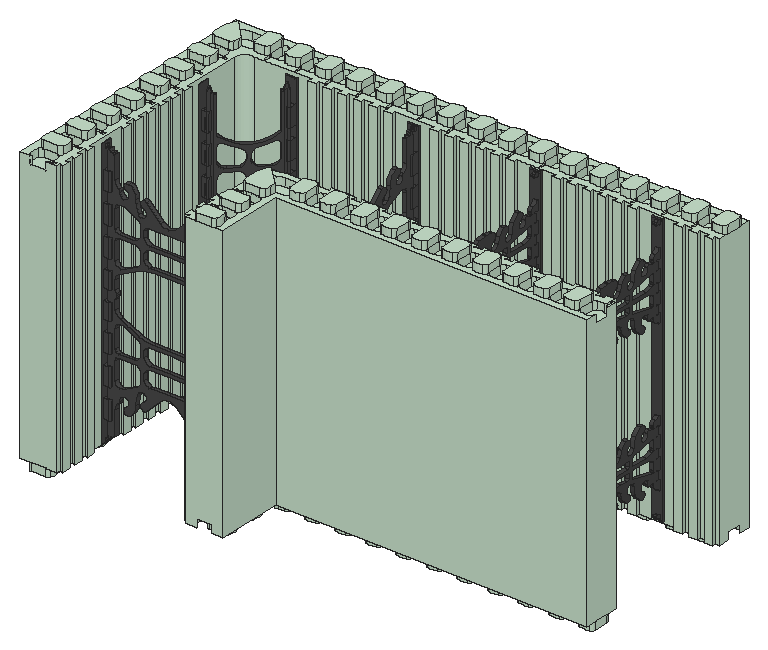
Revit family (continued)
Definition of nested family "NUDURA Diamond Pattern Missing Left Line"
  Lines and regions (in)
    model lines
      curve 160: arc (4.17062, -5.625, 2.80178) -> (3.99384, -5.625, 2.875) -> (3.81706, -5.625, 2.80178) r 0.25
      curve 161: line (3.81706, -5.625, 2.80178) -> (3.44206, -5.625, 2.42678)
      curve 162: arc (3.44206, -5.625, 2.42678) -> (3.36884, -5.625, 2.25) -> (3.44206, -5.625, 2.07322) r 0.25
      curve 163: line (3.44206, -5.625, 2.07322) -> (3.81706, -5.625, 1.69822)
      curve 164: arc (3.81706, -5.625, 1.69822) -> (3.99384, -5.625, 1.625) -> (4.17062, -5.625, 1.69822) r 0.25
      curve 165: line (4.17062, -5.625, 1.69822) -> (4.54562, -5.625, 2.07322)
      curve 166: arc (4.54562, -5.625, 2.07322) -> (4.61884, -5.625, 2.25) -> (4.54562, -5.625, 2.42678) r 0.25
      curve 167: line (4.54562, -5.625, 2.42678) -> (4.17062, -5.625, 2.80178)
      curve 168: arc (3.69709, -5.625, 1.35858) -> (3.75567, -5.625, 1.5) -> (3.69709, -5.625, 1.64142) r 0.2
      curve 169: line (3.69709, -5.625, 1.35858) -> (3.35367, -5.625, 1.01517)
      curve 170: arc (3.35367, -5.625, 1.01517) -> (3.24384, -5.625, 0.75) -> (3.35367, -5.625, 0.48484) r 0.375
      curve 171: line (3.35367, -5.625, 0.48484) -> (3.72867, -5.625, 0.10984)
      curve 172: arc (3.72867, -5.625, 0.10984) -> (3.99384, -5.625, 0) -> (4.259, -5.625, 0.10984) r 0.375
      curve 173: line (4.259, -5.625, 0.10984) -> (4.634, -5.625, 0.48484)
      curve 174: arc (4.634, -5.625, 0.48484) -> (4.74384, -5.625, 0.75) -> (4.634, -5.625, 1.01517) r 0.375
      curve 175: line (4.634, -5.625, 1.01517) -> (4.29059, -5.625, 1.35858)
      curve 176: arc (4.29059, -5.625, 1.64142) -> (4.23201, -5.625, 1.5) -> (4.29059, -5.625, 1.35858) r 0.2
      curve 177: arc (4.17062, -5.625, 1.30178) -> (3.99384, -5.625, 1.375) -> (3.81706, -5.625, 1.30178) r 0.25
      curve 178: line (4.54562, -5.625, 0.92678) -> (4.17062, -5.625, 1.30178)
      curve 179: arc (4.54562, -5.625, 0.57322) -> (4.61884, -5.625, 0.75) -> (4.54562, -5.625, 0.92678) r 0.25
      curve 180: line (4.17062, -5.625, 0.19822) -> (4.54562, -5.625, 0.57322)
      curve 181: arc (3.81706, -5.625, 0.19822) -> (3.99384, -5.625, 0.125) -> (4.17062, -5.625, 0.19822) r 0.25
      curve 182: line (3.44206, -5.625, 0.57322) -> (3.81706, -5.625, 0.19822)
      curve 183: arc (3.44206, -5.625, 0.92678) -> (3.36884, -5.625, 0.75) -> (3.44206, -5.625, 0.57322) r 0.25
      curve 184: line (3.81706, -5.625, 1.30178) -> (3.44206, -5.625, 0.92678)
      curve 185: arc (4.29059, -5.625, 3.14142) -> (4.23201, -5.625, 3) -> (4.29059, -5.625, 2.85858) r 0.2
      curve 186: arc (4.29059, -5.625, 4.64142) -> (4.23201, -5.625, 4.5) -> (4.29059, -5.625, 4.35858) r 0.2
      curve 187: arc (4.29059, -5.625, 6.14142) -> (4.23201, -5.625, 6) -> (4.29059, -5.625, 5.85858) r 0.2
      curve 188: arc (4.29059, -5.625, 7.64142) -> (4.23201, -5.625, 7.5) -> (4.29059, -5.625, 7.35858) r 0.2
      curve 189: arc (4.29059, -5.625, 9.14142) -> (4.23201, -5.625, 9) -> (4.29059, -5.625, 8.85858) r 0.2
      curve 190: arc (4.29059, -5.625, 10.64142) -> (4.23201, -5.625, 10.5) -> (4.29059, -5.625, 10.35858) r 0.2
      curve 191: arc (4.29059, -5.625, 12.14142) -> (4.23201, -5.625, 12) -> (4.29059, -5.625, 11.85858) r 0.2
      curve 192: arc (4.29059, -5.625, 13.64142) -> (4.23201, -5.625, 13.5) -> (4.29059, -5.625, 13.35858) r 0.2
      curve 193: arc (4.29059, -5.625, 15.14142) -> (4.23201, -5.625, 15) -> (4.29059, -5.625, 14.85858) r 0.2
      curve 194: arc (4.29059, -5.625, 16.64142) -> (4.23201, -5.625, 16.5) -> (4.29059, -5.625, 16.35858) r 0.2
Definition of nested family "NUDURA Logo Diamond"
  Reference planes (in)
    plane 1 "Center (Front/Back)": y = 0
    plane 2: z = 0
    plane 3 "Center (Left/Right)": x = 0
  Lines and regions (in)
    model lines
      curve 1: line (12.59848, 0, 17.50104) -> (12.24492, 0, 17.85459)
      curve 2: line (12.36113, 0, 16.76872) -> (12.59848, 0, 17.00607)
      curve 3: line (12.59848, 0, 16.00104) -> (12.36113, 0, 16.23839)
      curve 4: line (12.36113, 0, 15.26872) -> (12.59848, 0, 15.50607)
      curve 5: line (12.59848, 0, 14.50104) -> (12.36113, 0, 14.73839)
      curve 6: line (12.36113, 0, 13.76872) -> (12.59848, 0, 14.00607)
      curve 7: line (12.17421, 0, 13.28388) -> (12.71208, 0, 12.74602)
      curve 8: line (12.71208, 0, 12.74602) -> (12.78279, 0, 12.81673)
      curve 9: line (11.28279, 0, 12.74602) -> (11.82066, 0, 13.28388)
      curve 10: line (11.63374, 0, 13.23839) -> (11.21208, 0, 12.81673)
      curve 11: line (11.3964, 0, 14.00607) -> (11.63374, 0, 13.76872)
      curve 12: line (11.63374, 0, 14.73839) -> (11.3964, 0, 14.50104)
      curve 13: line (11.3964, 0, 15.50607) -> (11.63374, 0, 15.26872)
      curve 14: line (11.63374, 0, 16.23839) -> (11.3964, 0, 16.00104)
      curve 15: line (11.3964, 0, 17.00607) -> (11.63374, 0, 16.76872)
      curve 16: line (11.74995, 0, 17.85459) -> (11.3964, 0, 17.50104)
      curve 17: line (11.82066, 0, 17.78388) -> (11.46711, 0, 17.43033)
      curve 18: line (12.52777, 0, 17.43033) -> (12.17421, 0, 17.78388)
      curve 19: line (12.17421, 0, 16.72322) -> (12.52777, 0, 17.07678)
      curve 20: line (11.46711, 0, 17.07678) -> (11.82066, 0, 16.72322)
      curve 21: arc (11.3964, 0, 17.50104) -> (11.29388, 0, 17.25355) -> (11.3964, 0, 17.00607) r 0.35
      curve 22: arc (11.74995, 0, 17.85459) -> (11.99744, 0, 17.95711) -> (12.24492, 0, 17.85459) r 0.35
      curve 23: arc (11.46711, 0, 17.43033) -> (11.39388, 0, 17.25355) -> (11.46711, 0, 17.07678) r 0.25
      curve 24: arc (12.52777, 0, 17.43033) -> (12.60099, 0, 17.25355) -> (12.52777, 0, 17.07678) r 0.25
      curve 25: arc (12.17421, 0, 16.72322) -> (11.99744, 0, 16.65) -> (11.82066, 0, 16.72322) r 0.25
      curve 26: arc (11.82066, 0, 17.78388) -> (11.99744, 0, 17.85711) -> (12.17421, 0, 17.78388) r 0.25
      curve 27: arc (12.59848, 0, 17.50104) -> (12.70099, 0, 17.25355) -> (12.59848, 0, 17.00607) r 0.35
      curve 28: arc (11.63374, 0, 16.76872) -> (11.74358, 0, 16.50355) -> (11.63374, 0, 16.23839) r 0.375
      curve 29: arc (12.36113, 0, 16.76872) -> (12.2513, 0, 16.50355) -> (12.36113, 0, 16.23839) r 0.375
      curve 30: line (12.36113, 0, 15.26872) -> (12.59848, 0, 15.50607)
      curve 31: line (11.3964, 0, 15.50607) -> (11.63374, 0, 15.26872)
      curve 32: line (11.82066, 0, 16.28388) -> (11.46711, 0, 15.93033)
      curve 33: line (12.52777, 0, 15.93033) -> (12.17421, 0, 16.28388)
      curve 34: line (12.17421, 0, 15.22322) -> (12.52777, 0, 15.57678)
      curve 35: line (11.46711, 0, 15.57678) -> (11.82066, 0, 15.22322)
      curve 36: arc (11.3964, 0, 16.00104) -> (11.29388, 0, 15.75355) -> (11.3964, 0, 15.50607) r 0.35
      curve 37: arc (11.46711, 0, 15.93033) -> (11.39388, 0, 15.75355) -> (11.46711, 0, 15.57678) r 0.25
      curve 38: arc (12.52777, 0, 15.93033) -> (12.60099, 0, 15.75355) -> (12.52777, 0, 15.57678) r 0.25
      curve 39: arc (12.17421, 0, 15.22322) -> (11.99744, 0, 15.15) -> (11.82066, 0, 15.22322) r 0.25
      curve 40: arc (11.82066, 0, 16.28388) -> (11.99744, 0, 16.35711) -> (12.17421, 0, 16.28388) r 0.25
      curve 41: arc (12.59848, 0, 16.00104) -> (12.70099, 0, 15.75355) -> (12.59848, 0, 15.50607) r 0.35
      curve 42: line (11.63374, 0, 16.23839) -> (11.3964, 0, 16.00104)
      curve 43: line (12.59848, 0, 16.00104) -> (12.36113, 0, 16.23839)
      curve 44: arc (11.63374, 0, 15.26872) -> (11.74358, 0, 15.00355) -> (11.63374, 0, 14.73839) r 0.375
      curve 45: arc (12.36113, 0, 15.26872) -> (12.2513, 0, 15.00355) -> (12.36113, 0, 14.73839) r 0.375
      curve 46: line (12.36113, 0, 13.76872) -> (12.59848, 0, 14.00607)
      curve 47: line (11.3964, 0, 14.00607) -> (11.63374, 0, 13.76872)
      curve 48: line (11.82066, 0, 14.78388) -> (11.46711, 0, 14.43033)
      curve 49: line (12.52777, 0, 14.43033) -> (12.17421, 0, 14.78388)
      curve 50: line (12.17421, 0, 13.72322) -> (12.52777, 0, 14.07678)
      curve 51: line (11.46711, 0, 14.07678) -> (11.82066, 0, 13.72322)
      curve 52: arc (11.3964, 0, 14.50104) -> (11.29388, 0, 14.25355) -> (11.3964, 0, 14.00607) r 0.35
      curve 53: arc (11.46711, 0, 14.43033) -> (11.39388, 0, 14.25355) -> (11.46711, 0, 14.07678) r 0.25
      curve 54: arc (12.52777, 0, 14.43033) -> (12.60099, 0, 14.25355) -> (12.52777, 0, 14.07678) r 0.25
      curve 55: arc (12.17421, 0, 13.72322) -> (11.99744, 0, 13.65) -> (11.82066, 0, 13.72322) r 0.25
      curve 56: arc (11.82066, 0, 14.78388) -> (11.99744, 0, 14.85711) -> (12.17421, 0, 14.78388) r 0.25
      curve 57: arc (12.59848, 0, 14.50104) -> (12.70099, 0, 14.25355) -> (12.59848, 0, 14.00607) r 0.35
      curve 58: line (11.63374, 0, 14.73839) -> (11.3964, 0, 14.50104)
      curve 59: arc (11.63374, 0, 13.76872) -> (11.74358, 0, 13.50355) -> (11.63374, 0, 13.23839) r 0.375
      curve 60: arc (12.36113, 0, 13.76872) -> (12.2513, 0, 13.50355) -> (12.36113, 0, 13.23839) r 0.375
      curve 61: line (12.78279, 0, 12.81673) -> (12.36113, 0, 13.23839)
      curve 62: line (11.21208, 0, 12.81673) -> (11.28279, 0, 12.74602)
      curve 63: arc (11.82066, 0, 13.28388) -> (11.99744, 0, 13.35711) -> (12.17421, 0, 13.28388) r 0.25
      curve 64: line (12.59848, 0, 0.50607) -> (12.24492, 0, 0.15251)
      curve 65: line (12.36113, 0, 1.23839) -> (12.59848, 0, 1.00104)
      curve 66: line (12.59848, 0, 2.00607) -> (12.36113, 0, 1.76872)
      curve 67: line (12.36113, 0, 2.73839) -> (12.59848, 0, 2.50104)
      curve 68: line (12.59848, 0, 3.50607) -> (12.36113, 0, 3.26872)
      curve 69: line (12.36113, 0, 4.23839) -> (12.59848, 0, 4.00104)
      curve 70: line (12.17421, 0, 4.72322) -> (12.71208, 0, 5.26109)
      curve 71: line (12.71208, 0, 5.26109) -> (12.78279, 0, 5.19038)
      curve 72: line (11.28279, 0, 5.26109) -> (11.82066, 0, 4.72322)
      curve 73: line (11.63374, 0, 4.76872) -> (11.21208, 0, 5.19038)
      curve 74: line (11.3964, 0, 4.00104) -> (11.63374, 0, 4.23839)
      curve 75: line (11.63374, 0, 3.26872) -> (11.3964, 0, 3.50607)
      curve 76: line (11.3964, 0, 2.50104) -> (11.63374, 0, 2.73839)
      curve 77: line (11.63374, 0, 1.76872) -> (11.3964, 0, 2.00607)
      curve 78: line (11.3964, 0, 1.00104) -> (11.63374, 0, 1.23839)
      curve 79: line (11.74995, 0, 0.15251) -> (11.3964, 0, 0.50607)
      curve 80: line (11.82066, 0, 0.22322) -> (11.46711, 0, 0.57678)
      curve 81: line (12.52777, 0, 0.57678) -> (12.17421, 0, 0.22322)
      curve 82: line (12.17421, 0, 1.28388) -> (12.52777, 0, 0.93033)
      curve 83: line (11.46711, 0, 0.93033) -> (11.82066, 0, 1.28388)
      curve 84: arc (11.3964, 0, 0.50607) -> (11.29388, 0, 0.75355) -> (11.3964, 0, 1.00104) r 0.35
      curve 85: arc (11.74995, 0, 0.15251) -> (11.99744, 0, 0.05) -> (12.24492, 0, 0.15251) r 0.35
      curve 86: arc (11.46711, 0, 0.57678) -> (11.39388, 0, 0.75355) -> (11.46711, 0, 0.93033) r 0.25
      curve 87: arc (12.52777, 0, 0.57678) -> (12.60099, 0, 0.75355) -> (12.52777, 0, 0.93033) r 0.25
      curve 88: arc (12.17421, 0, 1.28388) -> (11.99744, 0, 1.35711) -> (11.82066, 0, 1.28388) r 0.25
      curve 89: arc (11.82066, 0, 0.22322) -> (11.99744, 0, 0.15) -> (12.17421, 0, 0.22322) r 0.25
      curve 90: arc (12.59848, 0, 0.50607) -> (12.70099, 0, 0.75355) -> (12.59848, 0, 1.00104) r 0.35
      curve 91: arc (11.63374, 0, 1.23839) -> (11.74358, 0, 1.50355) -> (11.63374, 0, 1.76872) r 0.375
      curve 92: arc (12.36113, 0, 1.23839) -> (12.2513, 0, 1.50355) -> (12.36113, 0, 1.76872) r 0.375
      curve 93: line (12.36113, 0, 2.73839) -> (12.59848, 0, 2.50104)
      curve 94: line (11.3964, 0, 2.50104) -> (11.63374, 0, 2.73839)
      curve 95: line (11.82066, 0, 1.72322) -> (11.46711, 0, 2.07678)
      curve 96: line (12.52777, 0, 2.07678) -> (12.17421, 0, 1.72322)
      curve 97: line (12.17421, 0, 2.78388) -> (12.52777, 0, 2.43033)
      curve 98: line (11.46711, 0, 2.43033) -> (11.82066, 0, 2.78388)
      curve 99: arc (11.3964, 0, 2.00607) -> (11.29388, 0, 2.25355) -> (11.3964, 0, 2.50104) r 0.35
      curve 100: arc (11.46711, 0, 2.07678) -> (11.39388, 0, 2.25355) -> (11.46711, 0, 2.43033) r 0.25
      curve 101: arc (12.52777, 0, 2.07678) -> (12.60099, 0, 2.25355) -> (12.52777, 0, 2.43033) r 0.25
      curve 102: arc (12.17421, 0, 2.78388) -> (11.99744, 0, 2.85711) -> (11.82066, 0, 2.78388) r 0.25
      curve 103: arc (11.82066, 0, 1.72322) -> (11.99744, 0, 1.65) -> (12.17421, 0, 1.72322) r 0.25
      curve 104: arc (12.59848, 0, 2.00607) -> (12.70099, 0, 2.25355) -> (12.59848, 0, 2.50104) r 0.35
      curve 105: line (11.63374, 0, 1.76872) -> (11.3964, 0, 2.00607)
      curve 106: line (12.59848, 0, 2.00607) -> (12.36113, 0, 1.76872)
      curve 107: arc (11.63374, 0, 2.73839) -> (11.74358, 0, 3.00355) -> (11.63374, 0, 3.26872) r 0.375
      curve 108: arc (12.36113, 0, 2.73839) -> (12.2513, 0, 3.00355) -> (12.36113, 0, 3.26872) r 0.375
      curve 109: line (12.36113, 0, 4.23839) -> (12.59848, 0, 4.00104)
      curve 110: line (11.3964, 0, 4.00104) -> (11.63374, 0, 4.23839)
      curve 111: line (11.82066, 0, 3.22322) -> (11.46711, 0, 3.57678)
      curve 112: line (12.52777, 0, 3.57678) -> (12.17421, 0, 3.22322)
      curve 113: line (12.17421, 0, 4.28388) -> (12.52777, 0, 3.93033)
      curve 114: line (11.46711, 0, 3.93033) -> (11.82066, 0, 4.28388)
      curve 115: arc (11.3964, 0, 3.50607) -> (11.29388, 0, 3.75355) -> (11.3964, 0, 4.00104) r 0.35
      curve 116: arc (11.46711, 0, 3.57678) -> (11.39388, 0, 3.75355) -> (11.46711, 0, 3.93033) r 0.25
      curve 117: arc (12.52777, 0, 3.57678) -> (12.60099, 0, 3.75355) -> (12.52777, 0, 3.93033) r 0.25
      curve 118: arc (12.17421, 0, 4.28388) -> (11.99744, 0, 4.35711) -> (11.82066, 0, 4.28388) r 0.25
      curve 119: arc (11.82066, 0, 3.22322) -> (11.99744, 0, 3.15) -> (12.17421, 0, 3.22322) r 0.25
      curve 120: arc (12.59848, 0, 3.50607) -> (12.70099, 0, 3.75355) -> (12.59848, 0, 4.00104) r 0.35
      curve 121: line (11.63374, 0, 3.26872) -> (11.3964, 0, 3.50607)
      curve 122: arc (11.63374, 0, 4.23839) -> (11.74358, 0, 4.50355) -> (11.63374, 0, 4.76872) r 0.375
      curve 123: arc (12.36113, 0, 4.23839) -> (12.2513, 0, 4.50355) -> (12.36113, 0, 4.76872) r 0.375
      curve 124: line (12.78279, 0, 5.19038) -> (12.36113, 0, 4.76872)
      curve 125: line (11.21208, 0, 5.19038) -> (11.28279, 0, 5.26109)
      curve 126: arc (11.82066, 0, 4.72322) -> (11.99744, 0, 4.65) -> (12.17421, 0, 4.72322) r 0.25
      curve 127: line (12.37244, 0, 12.50355) -> (11.62244, 0, 12.50355)
      curve 128: line (12.74744, 0, 5.87855) -> (12.74744, 0, 12.12855)
      curve 129: line (11.24744, 0, 12.12855) -> (11.24744, 0, 5.87855)
      curve 130: line (11.62244, 0, 5.50355) -> (12.37244, 0, 5.50355)
      curve 131: line (12.47232, 0, 12.00355) -> (12.0393, 0, 12.25355)
      curve 132: line (12.47232, 0, 11.50355) -> (12.47232, 0, 12.00355)
      curve 133: line (12.25581, 0, 11.37855) -> (12.47232, 0, 11.50355)
      curve 134: line (12.02256, 0, 11.51322) -> (12.25581, 0, 11.37855)
      curve 135: line (12.22232, 0, 11.62855) -> (12.02256, 0, 11.51322)
      curve 136: line (11.80605, 0, 12.11888) -> (12.22232, 0, 11.87855)
      curve 137: line (12.22232, 0, 11.87855) -> (12.22232, 0, 11.62855)
      curve 138: line (12.0393, 0, 12.25355) -> (11.80605, 0, 12.11888)
      curve 139: line (11.77256, 0, 11.63822) -> (11.97232, 0, 11.75355)
      curve 140: line (11.97232, 0, 11.75355) -> (11.73906, 0, 11.88822)
      curve 141: line (11.73906, 0, 11.88822) -> (11.52256, 0, 11.76322)
      curve 142: line (11.52256, 0, 11.76322) -> (11.52256, 0, 11.26322)
      curve 143: line (11.77256, 0, 11.38822) -> (11.77256, 0, 11.63822)
      curve 144: line (12.18882, 0, 11.14789) -> (11.77256, 0, 11.38822)
      curve 145: line (11.95557, 0, 11.01322) -> (12.18882, 0, 11.14789)
      curve 146: line (11.52256, 0, 11.26322) -> (11.95557, 0, 11.01322)
      curve 147: line (12.31108, 0, 10.60411) -> (11.68379, 0, 10.74458)
      curve 148: line (11.68379, 0, 10.74458) -> (11.68379, 0, 10.51321)
      curve 149: line (11.68379, 0, 10.51321) -> (12.1295, 0, 10.41405)
      curve 150: line (12.1295, 0, 10.41405) -> (11.68379, 0, 10.27358)
      curve 151: line (11.68379, 0, 10.27358) -> (11.68379, 0, 9.8852)
      curve 152: line (11.68379, 0, 9.8852) -> (12.17077, 0, 9.77615)
      curve 153: line (12.17077, 0, 9.77615) -> (12.17077, 0, 9.74472)
      curve 154: line (12.17077, 0, 9.74472) -> (11.86146, 0, 9.80279)
      curve 155: line (11.68379, 0, 9.65536) -> (11.68379, 0, 9.35864)
      curve 156: line (12.07077, 0, 8.74385) -> (12.07077, 0, 8.99996)
      curve 157: line (12.07077, 0, 8.99996) -> (11.68379, 0, 9.08605)
      curve 158: line (11.68379, 0, 9.08605) -> (11.68379, 0, 8.47809)
      curve 159: line (11.91823, 0, 9.06589) -> (12.31108, 0, 8.97792)
      curve 160: line (11.82444, 0, 8.55476) -> (11.82444, 0, 8.79865)
      curve 161: line (11.82444, 0, 8.79865) -> (12.07077, 0, 8.74385)
      curve 162: line (11.68379, 0, 8.07193) -> (11.68379, 0, 7.77522)
      curve 163: line (11.91823, 0, 7.48247) -> (12.21108, 0, 7.41688)
      curve 164: line (12.21108, 0, 7.41688) -> (12.21108, 0, 6.95405)
      curve 165: line (12.16108, 0, 6.90405) -> (12.12077, 0, 6.90405)
      curve 166: line (12.07077, 0, 6.95405) -> (12.07077, 0, 7.08675)
      curve 167: line (12.07077, 0, 7.08675) -> (12.12077, 0, 7.07556)
      curve 168: line (12.12077, 0, 7.07556) -> (12.12077, 0, 7.33463)
      curve 169: line (12.12077, 0, 7.33463) -> (11.68379, 0, 7.43249)
      curve 170: line (11.68379, 0, 7.43249) -> (11.68379, 0, 7.17341)
      curve 171: line (11.68379, 0, 7.17341) -> (11.97077, 0, 7.10915)
      curve 172: line (11.97077, 0, 7.10915) -> (11.97077, 0, 6.99425)
      curve 173: line (11.92077, 0, 6.94425) -> (11.68379, 0, 6.94425)
      curve 174: line (11.68379, 0, 6.94425) -> (11.68379, 0, 6.45682)
      curve 175: line (11.68379, 0, 6.45682) -> (11.78284, 0, 6.38658)
      curve 176: line (11.78284, 0, 6.38658) -> (11.78284, 0, 6.05178)
      curve 177: line (12.12371, 0, 6.14486) -> (11.88284, 0, 6.31567)
      curve 178: line (11.88284, 0, 6.31567) -> (11.88284, 0, 6.07909)
      curve 179: line (11.88284, 0, 6.07909) -> (12.12371, 0, 6.14486)
      curve 180: line (11.78284, 0, 6.05178) -> (11.68379, 0, 6.02474)
      curve 181: line (11.68379, 0, 6.02474) -> (11.68379, 0, 5.75355)
      curve 182: line (11.68379, 0, 5.75355) -> (12.31108, 0, 5.92483)
      curve 183: line (12.31108, 0, 5.92483) -> (12.31108, 0, 6.28791)
      curve 184: line (12.31108, 0, 6.28791) -> (11.76249, 0, 6.67694)
      curve 185: line (11.76249, 0, 6.67694) -> (11.90321, 0, 6.67694)
      curve 186: line (12.31108, 0, 6.78674) -> (12.31108, 0, 7.63562)
      curve 187: line (12.31108, 0, 7.63562) -> (11.90258, 0, 7.7271)
      curve 188: line (11.82444, 0, 7.82469) -> (11.82444, 0, 7.92839)
      curve 189: line (11.88536, 0, 7.97718) -> (12.31108, 0, 7.88185)
      curve 190: line (12.31108, 0, 7.88185) -> (12.31108, 0, 8.13496)
      curve 191: line (12.31108, 0, 8.13496) -> (12.08042, 0, 8.17826)
      curve 192: line (12.31108, 0, 8.38353) -> (12.31108, 0, 8.9465)
      curve 193: line (12.31108, 0, 8.9465) -> (12.17077, 0, 8.97771)
      curve 194: line (12.17077, 0, 8.97771) -> (12.17077, 0, 8.55476)
      curve 195: line (12.31108, 0, 8.97792) -> (12.31108, 0, 9.21905)
      curve 196: line (12.31108, 0, 9.21905) -> (11.90258, 0, 9.31053)
      curve 197: line (11.82444, 0, 9.40811) -> (11.82444, 0, 9.51182)
      curve 198: line (11.87938, 0, 9.56195) -> (12.31108, 0, 9.46528)
      curve 199: line (12.31108, 0, 9.46528) -> (12.31108, 0, 9.98469)
      curve 200: line (12.31108, 0, 9.98469) -> (11.90664, 0, 10.07526)
      curve 201: line (11.90664, 0, 10.07526) -> (12.31108, 0, 10.20747)
      curve 202: line (12.31108, 0, 10.20747) -> (12.31108, 0, 10.60411)
      curve 203: arc (11.68379, 0, 9.65536) -> (11.73801, 0, 9.7708) -> (11.86146, 0, 9.80279) r 0.15
      curve 204: arc (11.68379, 0, 9.35864) -> (11.74962, 0, 9.17112) -> (11.91823, 0, 9.06589) r 0.3
      curve 205: arc (11.84417, 0, 8.22149) -> (11.72718, 0, 8.32679) -> (11.68379, 0, 8.47809) r 0.28547
      curve 206: arc (11.68379, 0, 8.07193) -> (11.73147, 0, 8.18158) -> (11.84417, 0, 8.22149) r 0.14992
      curve 207: arc (11.68379, 0, 7.77522) -> (11.74962, 0, 7.58769) -> (11.91823, 0, 7.48247) r 0.3
      curve 208: arc (11.82444, 0, 7.82469) -> (11.84638, 0, 7.76218) -> (11.90258, 0, 7.7271) r 0.1
      curve 209: arc (11.82444, 0, 7.92839) -> (11.84318, 0, 7.96742) -> (11.88536, 0, 7.97718) r 0.05
      curve 210: arc (12.12077, 0, 6.90405) -> (12.08541, 0, 6.91869) -> (12.07077, 0, 6.95405) r 0.05
      curve 211: arc (12.16108, 0, 6.90405) -> (12.19644, 0, 6.91869) -> (12.21108, 0, 6.95405) r 0.05
      curve 212: arc (11.97077, 0, 6.99425) -> (11.95612, 0, 6.95889) -> (11.92077, 0, 6.94425) r 0.05
      curve 213: arc (11.90321, 0, 6.67694) -> (11.96756, 0, 6.70069) -> (12.00104, 0, 6.76055) r 0.09904
      curve 214: arc (12.00104, 0, 6.76055) -> (12.1681, 0, 6.63117) -> (12.31108, 0, 6.78674) r 0.15613
      curve 215: arc (12.08042, 0, 8.17826) -> (12.24181, 0, 8.22914) -> (12.31108, 0, 8.38353) r 0.20667
      curve 216: arc (11.82444, 0, 8.55476) -> (11.9976, 0, 8.3816) -> (12.17077, 0, 8.55476) r 0.17317
      curve 217: arc (11.82444, 0, 9.40811) -> (11.84638, 0, 9.34561) -> (11.90258, 0, 9.31053) r 0.1
      curve 218: arc (11.82444, 0, 9.51182) -> (11.8459, 0, 9.55306) -> (11.892, 0, 9.55913) r 0.05034
      curve 219: arc (11.24744, 0, 12.12855) -> (11.35727, 0, 12.39372) -> (11.62244, 0, 12.50355) r 0.375
      curve 220: arc (12.37244, 0, 12.50355) -> (12.6376, 0, 12.39372) -> (12.74744, 0, 12.12855) r 0.375
      curve 221: arc (11.24744, 0, 5.87855) -> (11.35727, 0, 5.61339) -> (11.62244, 0, 5.50355) r 0.375
      curve 222: arc (12.37244, 0, 5.50355) -> (12.6376, 0, 5.61339) -> (12.74744, 0, 5.87855) r 0.375
      curve 223: line (9.99744, 0, 18) -> (9.99744, 0, 0)
      curve 224: line (13.99744, 0, 18) -> (13.99744, 0, 0)
      curve 225: line (15.99744, 0, 18) -> (15.99744, 0, 0)
